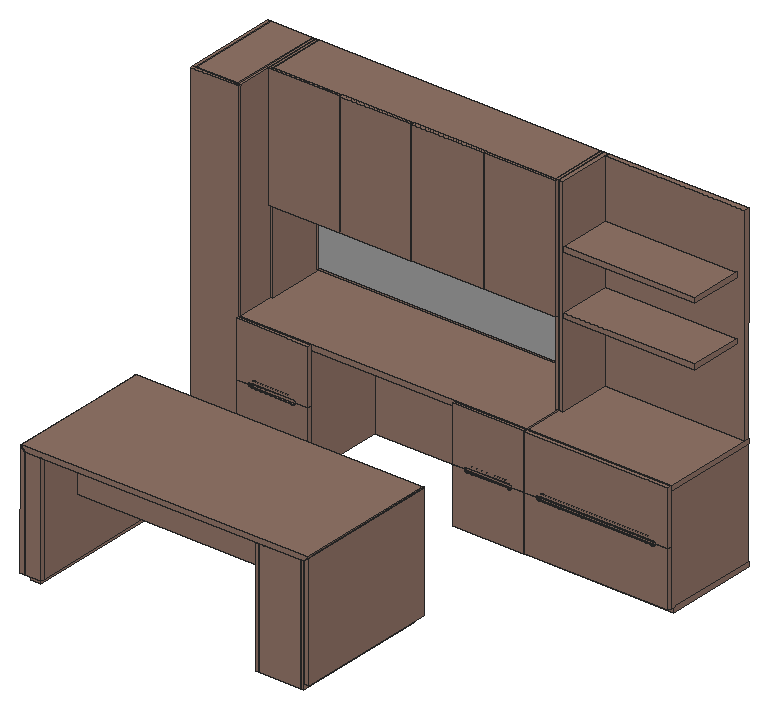
Revit family "OFS TYPICAL S100003", category Furniture, Revit 2022 (continued)
Definition of nested family "OFS SLATE DESKS"
  Definition of nested family "OFS_Slate Private Office_Desks Full Modesty"
    Forms (in)
      Extrusion 24, solid, material <- "Case", visible <- "Type 0"
        sketch origin (-20.71864, -60, 0.45) x (-1, 0, 0) y (0, -1, 0)
          loop
            line (28.34386, -59.25) -> (28.34386, -57.75) -> (26.84386, -57.75) -> (26.84386, -59.25) -> (28.34386, -59.25)
        from 0 to 1.5
      Extrusion 25, solid, material <- "Drawers", visible <- "Type 0"
        sketch origin (-52.8125, -34.55325, 47.24409) x (0, -1, 0) y (0, 0, 1)
          loop
            line (-5.80325, -18.10659) -> (-6.55325, -18.10659) -> (-6.55325, -31.76284) -> (-5.80325, -31.76284) -> (-5.80325, -18.10659)
          loop
            line (-5.80325, -45.5441) -> (-5.80325, -31.88784) -> (-6.55325, -31.88784) -> (-6.55325, -45.5441) -> (-5.80325, -45.5441)
        from -7.4375 to 7.4375
      Sweep 26, solid, material <- "Case", visible <- "Type 0"
        path origin (-20.71864, -60, 0.45) x (-1, 0, 0) y (0, -1, 0)
          loop
            line (38.09386, -60) -> (38.09386, -32.875) -> (26.09386, -32.875) -> (26.09386, -60)
        profile origin (-52.8125, -27.125, 0.45) x (0, 1, 0) y (0, 0, 1)
          loop
            line (0, 0) -> (0.75, 0) -> (0.75, 1.25) -> (0, 1.25) -> (0, 0)
      Extrusion 27, solid, material <- "Case", visible <- "Type 0"
        sketch origin (70.11422, -60, 1.7) x (0, -1, 0) y (-1, 0, 0)
          loop
            line (-60, 128.92672) -> (-60, 128.17672) -> (-32, 128.17672) -> (-32, 128.92672) -> (-60, 128.92672)
          loop
            line (-32, 117.67672) -> (-60, 117.67672) -> (-60, 116.92672) -> (-32, 116.92672) -> (-32, 117.67672)
        from 0 to -27.5
      Extrusion 28, solid, material <- "Back Panel", visible <- "Type 0"
        sketch origin (-20.71864, -60, 0.45) x (-1, 0, 0) y (0, -1, 0)
          loop
            line (38.21886, -61.1875) -> (38.21886, -60) -> (-20.71864, -60) -> (-20.71864, -61.1875) -> (38.21886, -61.1875)
        from 1.25 to 28.875
      Extrusion 29, solid, material <- "Case", visible <- "Type 0"
        sketch origin (-20.71864, -60, 0.45) x (-1, 0, 0) y (0, -1, 0)
          loop
            line (37.34386, -60) -> (37.34386, -59.25) -> (26.84386, -59.25) -> (26.84386, -60) -> (37.34386, -60)
        from 0 to 28.75
      Extrusion 30, solid, material <- "Panel", visible <- "Type 0"
        sketch origin (-4, -34.55325, 47.24409) x (0, -1, 0) y (0, 0, 1)
          loop
            line (-34.55325, -18.04409) -> (-34.55325, -19.2316) -> (-5.74075, -19.2316) -> (-5.74075, -18.04409) -> (-34.55325, -18.04409)
        from 0 to 20
      Extrusion 31, solid, material <- "Panel", visible <- "Type 0"
        sketch origin (-63.76383, -28.8125, 47.24409) x (-1, 0, 0) y (0, 0, 1)
          loop
            line (-3.76383, -45.5441) -> (-3.76383, -17.15837)
            arc (-3.76383, -17.15837) -> (-3.841, -17.04289) -> (-3.97722, -17.06998) r 0.125
            line (-3.97722, -17.06998) -> (-4.95133, -18.04409) -> (-4.95133, -45.5441) -> (-3.76383, -45.5441)
        from 0 to 28.8125
      Extrusion 32, solid, material <- "Panel", visible <- "Type 0"
        sketch origin (-63.76383, -28.8125, 47.24409) x (-1, 0, 0) y (0, 0, 1)
          loop
            line (-63.76383, -18.04409) -> (-4.95133, -18.04409) -> (-3.97722, -17.06998)
            arc (-3.97722, -17.06998) -> (-3.95013, -16.93376) -> (-4.06561, -16.85659) r 0.125
            line (-4.06561, -16.85659) -> (-63.76383, -16.85659) -> (-63.76383, -18.04409)
        from 0 to 28.8125
      Revolve 33, solid, material <- "Glides", visible <- "Type 0"
        sketch origin (-1.6269, -2.95105, 47.24409) x (-1, 0, 0) y (0, 0, 1)
          loop
            line (0.3731, -46.79409) -> (0.3731, -47.24409) -> (0.6231, -47.24409)
            arc (0.6231, -47.24409) -> (0.75079, -47.13447) -> (0.66177, -46.99165) r 0.12918
            line (0.66177, -46.99165) -> (0.6231, -46.99165) -> (0.6231, -46.79409) -> (0.3731, -46.79409)
          axis (0.3731, -46.79409) -> (0.3731, -47.24409)
        angle from 0 to 360
      Revolve 34, solid, material <- "Glides", visible <- "Type 0"
        sketch origin (-3.76383, -25.86145, 47.24409) x (-1, 0, 0) y (0, 0, 1)
          loop
            line (-1.76383, -46.79409) -> (-1.76383, -47.24409) -> (-1.51383, -47.24409)
            arc (-1.51383, -47.24409) -> (-1.38614, -47.13447) -> (-1.47516, -46.99165) r 0.12918
            line (-1.47516, -46.99165) -> (-1.51383, -46.99165) -> (-1.51383, -46.79409) -> (-1.76383, -46.79409)
          axis (-1.76383, -46.79409) -> (-1.76383, -47.24409)
        angle from 0 to 360
      Extrusion 35, solid, material <- "Case", visible <- "Type 0"
        sketch origin (-20.71864, -60, 0.45) x (-1, 0, 0) y (0, -1, 0)
          loop
            line (-16.71864, -59.25) -> (-16.71864, -31.9375) -> (-17.46864, -31.9375) -> (-17.46864, -59.25) -> (-16.71864, -59.25)
          loop
            line (-19.96864, -31.9375) -> (-20.71864, -31.9375) -> (-20.71864, -59.25) -> (-19.96864, -59.25) -> (-19.96864, -31.9375)
        from 0 to 28.75
      Extrusion 36, solid, material <- "Case", visible <- "Type 0"
        sketch origin (-20.71864, -60, 0.45) x (-1, 0, 0) y (0, -1, 0)
          loop
            line (-16.71864, -60) -> (-16.71864, -59.25) -> (-17.46864, -59.25) -> (-17.46864, -31.9375) -> (-16.71864, -31.9375) -> (-16.71864, -31.1875) -> (-20.71864, -31.1875) -> (-20.71864, -31.9375) -> (-19.96864, -31.9375) -> (-19.96864, -59.25) -> (-20.71864, -59.25) -> (-20.71864, -60) -> (-16.71864, -60)
        from 0 to 28.75
      Sweep 37, void
        path origin (63.76383, -28.8125, 47.24409) x (1, 0, 0) y (0, 0, -1)
          loop
            arc (-8.57393, 31.01358) -> (-7.76216, 31.82534) -> (-8.57393, 32.63711) r 0.81176
            line (-8.57393, 32.63711) -> (-13.32874, 32.63711)
            arc (-13.32874, 32.63711) -> (-14.1405, 31.82534) -> (-13.32874, 31.01358) r 0.81176
            line (-13.32874, 31.01358) -> (-8.57393, 31.01358)
        profile origin (52.8125, -28.8125, 16.23051) x (0, 0, 1) y (0, 1, 0)
          loop
            line (-0.74926, 0) -> (-0.24927, 0) -> (-0.24927, 0.11016)
            arc (-0.24927, 0.11016) -> (-0.22929, 0.16818) -> (-0.17782, 0.2016) r 0.09424
            arc (-0.17782, 0.2016) -> (-0.00461, 0.45362) -> (-0.23364, 0.65625) r 0.23075
            line (-0.23364, 0.65625) -> (-0.74926, 0.65625) -> (-0.74926, 0)
      Sweep 38, void
        path origin (-63.76383, -28.8125, 47.24409) x (-1, 0, 0) y (0, 0, 1)
          loop
            line (-7.07393, -31.01358) -> (-14.82874, -31.01358)
            arc (-14.82874, -31.01358) -> (-15.64051, -31.82534) -> (-14.82874, -32.63711) r 0.81176
            line (-14.82874, -32.63711) -> (-7.07393, -32.63711)
            arc (-7.07393, -32.63711) -> (-6.26216, -31.82534) -> (-7.07393, -31.01358) r 0.81176
        profile origin (-52.8125, -28.8125, 16.23051) x (0, 0, -1) y (0, 1, 0)
          loop
            line (0.74926, 0) -> (0.74926, 0.65625) -> (0.23364, 0.65625)
            arc (0.23364, 0.65625) -> (0.00461, 0.45362) -> (0.17782, 0.2016) r 0.23075
            arc (0.17782, 0.2016) -> (0.22929, 0.16818) -> (0.24927, 0.11016) r 0.09424
            line (0.24927, 0.11016) -> (0.24927, 0) -> (0.74926, 0)
      Extrusion 39, solid, material <- "Doors", visible <- "Door"
        sketch origin (52.8125, -34.55325, 47.24409) x (0, -1, 0) y (0, 0, -1)
          loop
            line (-6.55325, 18.10659) -> (-5.80325, 18.10659) -> (-5.80325, 45.5441) -> (-6.55325, 45.5441) -> (-6.55325, 18.10659)
        from -5.9375 to 5.9375
      Extrusion 40, solid, material <- "Doors", visible <- "Door"
        sketch origin (7.1875, -34.55325, 47.24409) x (0, -1, 0) y (0, 0, 1)
          loop
            line (-6.55325, -18.10659) -> (-6.55325, -45.5441) -> (-5.80325, -45.5441) -> (-5.80325, -18.10659) -> (-6.55325, -18.10659)
        from -5.9375 to 5.9375
      Extrusion 41, solid, material <- "Case", visible <- "Type 1"
        sketch origin (-3.76383, -25.86145, 47.24409) x (-1, 0, 0) y (0, 0, 1)
          loop
            line (-6.45133, -46.79409) -> (-6.45133, -45.29409) -> (-15.45133, -45.29409) -> (-15.45133, -46.79409) -> (-6.45133, -46.79409)
          loop
            line (-52.07633, -46.79409) -> (-52.07633, -45.29409) -> (-61.07633, -45.29409) -> (-61.07633, -46.79409) -> (-52.07633, -46.79409)
        from -0.51355 to 0.48645
      Extrusion 42, solid, material <- "Case", visible <- "Type 0"
        sketch origin (-3.76383, -25.86145, 47.24409) x (-1, 0, 0) y (0, 0, 1)
          loop
            line (53.54867, -45.5441) -> (44.54867, -45.5441) -> (44.54867, -46.79409) -> (53.54867, -46.79409) -> (53.54867, -45.5441)
        from -0.51355 to 0.48645
    Cuts and joins
      Sweep 16, Sweep 37, Sweep 38 cuts Extrusion 14
      Sweep 37, Sweep 38 cuts Extrusion 15
      joined: Extrusion 14, Extrusion 15
      joined: Revolve 1, Revolve 2, Revolve 3, Revolve 4, Revolve 5, Revolve 6, Revolve 7, Revolve 8
      joined: Sweep 10, Sweep 11, Extrusion 13
      joined: Sweep 26, Extrusion 27
      Sweep 38 cuts Extrusion 25
    Lines and regions (in)
      Masking region 1, visible <- "Type 1"
        outline origin (70.11422, -60, 30.3875) x (0, -1, 0) y (1, 0, 0)
          loop
            line (-61.1875, -69.05172) -> (-60, -69.05172) -> (-60, -70.11422) -> (-31.1875, -70.11422) -> (-31.1875, -10.11422) -> (-60, -10.11422) -> (-60, -11.17672) -> (-61.1875, -11.17672) -> (-61.1875, -69.05172)
      Masking region 2, visible <- "Type 0"
        outline origin (70.11422, -60, 30.3875) x (0, -1, 0) y (1, 0, 0)
          loop
            line (-61.1875, -129.05172) -> (-60, -129.05172) -> (-60, -130.11422) -> (-31.1875, -130.11422) -> (-31.1875, -70.11422) -> (-61.1875, -70.11422) -> (-61.1875, -129.05172)
      reference lines, visible <- "Type 1"
        curve 1: line (60, -28.8125, 0.45) -> (60, 0, 0.45)
      reference lines, visible <- "Type 0"
        curve 2: line (-60, -28.8125, 0.45) -> (-60, 0, 0.45)
    Dimensions and locks (in)
      "Width": plane 3 "Center (Left/Right)" to plane 4
      equal spacing: plane 3 "Center (Left/Right)", plane 5, plane 4
      plane 7 to plane 6 to plane 1 "Center (Front/Back)" to plane 17 = 0' - 0.62544" locked, 0' - 0 3/4" locked, 0' - 1 3/16" locked
      "Depth": plane 17 to plane 12
      plane 8 to plane 31 to plane 10 to plane 9 to plane 11 to plane 12 = 0' - 0.48645" locked, 0' - 0.51355" locked, 0' - 0 3/4" locked, 0' - 0 7/8" locked, 0' - 0 13/16" locked
      locked: Extrusion 17 sketch curve to plane 3 "Center (Left/Right)" at 0.125
      locked: plane 27 to Extrusion 17 sketch curve at 0.30178  (x2)
      locked: plane 4 to Extrusion 17 sketch curve at 0.125
      locked: Extrusion 18 sketch curve to plane 3 "Center (Left/Right)" at 0.30178
      locked: plane 4 to Extrusion 18 sketch curve at 0.30178
      "Width": plane 42 to plane 3 "Center (Left/Right)"
      locked: plane 42 to Extrusion 32 sketch curve at 0.30178
      locked: plane 43 to plane 3 "Center (Left/Right)" at 4
      locked: Extrusion 36 sketch curve to plane 12 at 0.75
      plane 3 "Center (Left/Right)" to plane 13 to plane 14 to plane 45 to plane 32 = 0' - 1 1/16" locked, 0' - 0 1/8" locked, 0' - 0 1/16" locked, 0' - 0 11/16" locked
      plane 15 to plane 46 to plane 16 = 0' - 0 11/16" locked, 0' - 0 1/16" locked
      "Length": plane 14 to plane 16
      plane 21 to plane 47 to plane 20 = 0' - 0 1/16" locked, 0' - 0 11/16" locked
      plane 34 to plane 48 to plane 19 to plane 18 to plane 4 = 0' - 0 11/16" locked, 0' - 0 1/16" locked, 0' - 0 1/8" locked, 0' - 1 1/16" locked
      "Length": plane 21 to plane 19
      equal spacing: plane 14, plane 33, plane 16
      equal spacing: plane 21, plane 35, plane 19
      Sweep 38 sketch curve to plane 41 to Sweep 38 sketch curve = 0' - 3.87741" locked, 0' - 3.87741" locked
      plane 42 to plane 36 to plane 37 to plane 49 to plane 40 = 0' - 1 1/16" locked, 0' - 0 1/8" locked, 0' - 0 1/16" locked, 0' - 0 11/16" locked
      plane 38 to plane 50 to plane 39 = 0' - 0 11/16" locked, 0' - 0 1/16" locked
      "Length": plane 37 to plane 39
      equal spacing: plane 37, plane 41, plane 39
      locked: Extrusion 41 sketch curve to plane 21 at 1.5
      locked: plane 19 to Extrusion 41 sketch curve at 1.5
      locked: plane 14 to Extrusion 41 sketch curve at 1.5
      locked: Extrusion 41 sketch curve to plane 16 at 1.5
      locked: plane 37 to Extrusion 42 sketch curve at 1.5
      locked: Extrusion 42 sketch curve to plane 39 at 1.5
      locked: plane 13 to Extrusion 17 sketch curve (angle 45.00°)
      locked: Extrusion 17 sketch curve to plane 19 (angle 45.00°)
      aligned and locked: level to plane 2
      aligned and locked: plane 24 to Extrusion 9
      aligned and locked: plane 1 "Center (Front/Back)" to Sweep 10 sketch curve  (x2)
      aligned and locked: plane 14 to Sweep 10 sketch curve
      aligned and locked: Sweep 10 sketch curve to plane 16
      aligned and locked: plane 9 to Sweep 10 sketch curve
      aligned and locked: plane 1 "Center (Front/Back)" to Sweep 11 sketch curve  (x2)
      aligned and locked: plane 21 to Sweep 11 sketch curve
      aligned and locked: Sweep 11 sketch curve to plane 19
      aligned and locked: Sweep 11 sketch curve to plane 9
      aligned and locked: Sweep 10 to Extrusion 12 sketch curve  (x2)
      aligned and locked: Extrusion 12 sketch curve to Extrusion 9  (x4)
      aligned and locked: Extrusion 12 sketch curve to Sweep 11
      aligned and locked: Sweep 11 to Extrusion 12 sketch curve
      aligned and locked: Extrusion 12 to plane 30
      aligned and locked: Extrusion 13 sketch curve to Sweep 10  (x3)
      aligned and locked: plane 11 to Extrusion 13 sketch curve  (x4)
      aligned and locked: Extrusion 13 sketch curve to plane 32
      aligned and locked: Extrusion 12 to Extrusion 13 sketch curve  (x2)
      aligned and locked: Extrusion 13 sketch curve to plane 16
      aligned and locked: Extrusion 13 sketch curve to Sweep 11  (x2)
      aligned and locked: Extrusion 13 sketch curve to plane 20
      aligned and locked: Extrusion 13 sketch curve to Extrusion 12
      aligned and locked: plane 19 to Extrusion 13 sketch curve
      aligned and locked: Extrusion 13 to plane 30
      aligned and locked: plane 29 to Extrusion 14 sketch curve
      aligned and locked: Extrusion 13 to Extrusion 14 sketch curve
      aligned and locked: Extrusion 14 sketch curve to Extrusion 13
      aligned and locked: Extrusion 14 sketch curve to plane 26
      aligned and locked: Extrusion 14 sketch curve to plane 25
      aligned and locked: plane 12 to Masking region 1 sketch curve
      aligned and locked: Masking region 1 sketch curve to plane 4
      aligned and locked: plane 3 "Center (Left/Right)" to Masking region 1 sketch curve
      aligned and locked: Masking region 1 sketch curve to plane 17
      aligned and locked: plane 13 to Masking region 1 sketch curve
      aligned and locked: plane 1 "Center (Front/Back)" to Masking region 1 sketch curve  (x2)
      aligned and locked: plane 18 to Masking region 1 sketch curve
      aligned and locked: Extrusion 17 sketch curve to plane 23  (x2)
      aligned and locked: plane 3 "Center (Left/Right)" to Extrusion 17 sketch curve
      aligned and locked: Extrusion 17 sketch curve to Extrusion 13
      aligned and locked: plane 30 to Extrusion 17 sketch curve  (x2)
      aligned and locked: Extrusion 17 sketch curve to plane 4
      aligned and locked: plane 19 to Extrusion 17 sketch curve
      aligned and locked: plane 30 to Extrusion 18 sketch curve
      aligned and locked: plane 27 to Extrusion 18 sketch curve
      aligned and locked: Extrusion 17 to Extrusion 18 sketch curve
      aligned and locked: plane 14 to Extrusion 18 sketch curve
      aligned and locked: Extrusion 18 sketch curve to Extrusion 17
      aligned and locked: Extrusion 18 to plane 1 "Center (Front/Back)"
      aligned and locked: Extrusion 17 to plane 1 "Center (Front/Back)"
      aligned and locked: Extrusion 19 sketch curve to Masking region 1  (x3)
      aligned and locked: Masking region 1 to Extrusion 19 sketch curve
      aligned and locked: plane 23 to Extrusion 19
      aligned and locked: plane 37 to Sweep 26 sketch curve
      aligned and locked: Extrusion 18 to Sweep 26 sketch curve  (x2)
      aligned and locked: Sweep 26 sketch curve to plane 9
      aligned and locked: Extrusion 27 sketch curve to Sweep 26  (x2)
      aligned and locked: plane 40 to Extrusion 27 sketch curve
      aligned and locked: Extrusion 27 sketch curve to plane 38
      aligned and locked: Extrusion 27 to plane 30
      aligned and locked: plane 36 to Extrusion 28 sketch curve
      aligned and locked: Extrusion 17 to Extrusion 28 sketch curve
      aligned and locked: Extrusion 28 sketch curve to Masking region 1
      aligned and locked: plane 28 to Extrusion 28
      aligned and locked: plane 23 to Extrusion 28
      aligned and locked: Sweep 26 to Extrusion 29 sketch curve
      aligned and locked: Extrusion 29 sketch curve to Extrusion 24
      aligned and locked: Extrusion 29 to plane 30
      aligned and locked: Extrusion 30 sketch curve to Extrusion 17
      aligned and locked: Extrusion 30 sketch curve to Extrusion 12
      aligned and locked: plane 12 to Extrusion 30 sketch curve
      aligned and locked: plane 42 to Extrusion 31 sketch curve
      aligned and locked: Extrusion 31 sketch curve to plane 37
      aligned and locked: plane 1 "Center (Front/Back)" to Extrusion 31
      aligned and locked: Extrusion 31 to plane 12
      aligned and locked: plane 3 "Center (Left/Right)" to Extrusion 32 sketch curve
      aligned and locked: Extrusion 18 to Extrusion 32 sketch curve  (x2)
      aligned and locked: Extrusion 32 to plane 12
      aligned and locked: Extrusion 18 to Extrusion 32
      aligned and locked: Extrusion 35 sketch curve to plane 43
      aligned and locked: plane 3 "Center (Left/Right)" to Extrusion 35 sketch curve
      aligned and locked: plane 12 to Extrusion 36 sketch curve
      aligned and locked: Extrusion 36 sketch curve to plane 3 "Center (Left/Right)"
      aligned and locked: Extrusion 36 sketch curve to plane 43
      aligned and locked: Extrusion 36 sketch curve to Extrusion 36 sketch curve
      aligned and locked: curve 2 to plane 42
      aligned and locked: plane 4 to curve 1
      aligned and locked: Extrusion 36 to plane 30
      aligned and locked: Extrusion 35 to plane 30
      aligned and locked: Masking region 2 sketch curve to plane 3 "Center (Left/Right)"
      aligned and locked: plane 12 to Masking region 2 sketch curve
      aligned and locked: Masking region 2 sketch curve to plane 17
      aligned and locked: Masking region 2 sketch curve to plane 42
      aligned and locked: Masking region 2 sketch curve to plane 1 "Center (Front/Back)"
      aligned and locked: plane 36 to Masking region 2 sketch curve
      aligned and locked: Extrusion 39 sketch curve to cut or joined group of Extrusion 14, Extrusion 15, Sweep 16, Sweep 37, Sweep 38  (x2)
      aligned and locked: plane 47 to Extrusion 39
      aligned and locked: plane 48 to Extrusion 39
      aligned and locked: plane 45 to Extrusion 40
      aligned and locked: plane 46 to Extrusion 40
      aligned and locked: plane 47 to Extrusion 15
      aligned and locked: plane 48 to Extrusion 15
      aligned and locked: plane 45 to Extrusion 14
      aligned and locked: plane 46 to Extrusion 14
      aligned and locked: Extrusion 41 to plane 10
      aligned and locked: plane 8 to Extrusion 41
      aligned and locked: Extrusion 42 sketch curve to plane 23
      aligned and locked: plane 22 to Extrusion 42 sketch curve
      aligned and locked: plane 8 to Extrusion 42
      aligned and locked: Extrusion 42 to plane 10
    Automatic sketch dimensions
      Revolve 1 sketch curve to plane 22 = 0' - 0"
      Revolve 1 sketch curve to level = 0' - 0"  (x2)
      Revolve 1 sketch curve to plane 22 = 0' - 0.19756"
      Revolve 1 sketch curve to plane 32 = 0' - 0.35223"
      Revolve 1 sketch curve to Revolve 1 sketch curve = 0' - 0.03868"
      Revolve 1 sketch curve to Revolve 1 sketch curve = 0' - 0"  (x2)
      Revolve 1 sketch curve to Revolve 1 sketch curve = 0' - 0 1/4"
      Revolve 1 sketch curve to level = 0' - 0.086"
      Revolve 2 sketch curve to plane 22 = 0' - 0"
      Revolve 2 sketch curve to level = 0' - 0"  (x2)
      Revolve 2 sketch curve to plane 22 = 0' - 0.19756"
      Revolve 2 sketch curve to plane 15 = 0' - 0.92958"
      Revolve 2 sketch curve to Revolve 2 sketch curve = 0' - 0.03868"
      Revolve 2 sketch curve to Revolve 2 sketch curve = 0' - 0"  (x2)
      Revolve 2 sketch curve to Revolve 2 sketch curve = 0' - 0 1/4"
      Revolve 2 sketch curve to level = 0' - 0.086"
      Revolve 3 sketch curve to plane 22 = 0' - 0"
      Revolve 3 sketch curve to level = 0' - 0"  (x2)
      Revolve 3 sketch curve to plane 32 = 0' - 1.74075"
      Revolve 3 sketch curve to plane 22 = 0' - 0.19756"
      Revolve 3 sketch curve to Revolve 3 sketch curve = 0' - 0 1/4"  (x2)
      Revolve 3 sketch curve to Revolve 3 sketch curve = 0' - 0.03868"
      Revolve 3 sketch curve to Revolve 3 sketch curve = 0' - 0"
      Revolve 3 sketch curve to level = 0' - 0.086"
      Revolve 4 sketch curve to plane 22 = 0' - 0"
      Revolve 4 sketch curve to level = 0' - 0"  (x2)
      Revolve 4 sketch curve to plane 15 = 0' - 1.76198"
      Revolve 4 sketch curve to plane 22 = 0' - 0.19756"
      Revolve 4 sketch curve to Revolve 4 sketch curve = 0' - 0 1/4"  (x2)
      Revolve 4 sketch curve to Revolve 4 sketch curve = 0' - 0.03868"
      Revolve 4 sketch curve to Revolve 4 sketch curve = 0' - 0"
      Revolve 4 sketch curve to level = 0' - 0.086"
      Revolve 5 sketch curve to plane 22 = 0' - 0"
      Revolve 5 sketch curve to level = 0' - 0"  (x2)
      Revolve 5 sketch curve to plane 34 = 0' - 0.6409"
      Revolve 5 sketch curve to plane 22 = 0' - 0.19756"
      Revolve 5 sketch curve to Revolve 5 sketch curve = 0' - 0 1/4"  (x2)
      Revolve 5 sketch curve to Revolve 5 sketch curve = 0' - 0.03868"
      Revolve 5 sketch curve to Revolve 5 sketch curve = 0' - 0"
      Revolve 5 sketch curve to Revolve 5 sketch curve = 0' - 0.086"
      Revolve 6 sketch curve to plane 22 = 0' - 0"
      Revolve 6 sketch curve to level = 0' - 0"  (x2)
      Revolve 6 sketch curve to plane 20 = 0' - 0.6409"
      Revolve 6 sketch curve to plane 22 = 0' - 0.19756"
      Revolve 6 sketch curve to Revolve 6 sketch curve = 0' - 0 1/4"  (x2)
      Revolve 6 sketch curve to Revolve 6 sketch curve = 0' - 0.03868"
      Revolve 6 sketch curve to Revolve 6 sketch curve = 0' - 0"
      Revolve 6 sketch curve to Revolve 6 sketch curve = 0' - 0.086"
      Revolve 7 sketch curve to plane 22 = 0' - 0"
      Revolve 7 sketch curve to level = 0' - 0"  (x2)
      Revolve 7 sketch curve to plane 22 = 0' - 0.19756"
      Revolve 7 sketch curve to plane 34 = 0' - 1.45207"
      Revolve 7 sketch curve to Revolve 7 sketch curve = 0' - 0.03868"
      Revolve 7 sketch curve to Revolve 7 sketch curve = 0' - 0"  (x2)
      Revolve 7 sketch curve to Revolve 7 sketch curve = 0' - 0 1/4"
      Revolve 7 sketch curve to Revolve 7 sketch curve = 0' - 0.086"
      Revolve 8 sketch curve to plane 22 = 0' - 0"
      Revolve 8 sketch curve to level = 0' - 0"  (x2)
      Revolve 8 sketch curve to plane 22 = 0' - 0.19756"
      Revolve 8 sketch curve to plane 20 = 0' - 2.05065"
      Revolve 8 sketch curve to Revolve 8 sketch curve = 0' - 0.03868"
      Revolve 8 sketch curve to Revolve 8 sketch curve = 0' - 0"  (x2)
      Revolve 8 sketch curve to Revolve 8 sketch curve = 0' - 0 1/4"
      Revolve 8 sketch curve to Revolve 8 sketch curve = 0' - 0.086"
      Extrusion 9 sketch curve to plane 34 = 0' - 0"
      Extrusion 9 sketch curve to plane 6 = 0' - 0"  (x4)
      Extrusion 9 sketch curve to plane 20 = 0' - 0"
      Extrusion 9 sketch curve to plane 15 = 0' - 0"
      Extrusion 9 sketch curve to plane 32 = 0' - 0"
      plane 44 to Extrusion 9 sketch curve = 0' - 0.70105"  (x4)
      Extrusion 9 sketch curve to Extrusion 9 sketch curve = 0' - 1 1/2"  (x4)
      Sweep 10 sketch curve to profile plane = 0' - 0"
      Sweep 10 sketch curve to plane 22 = 0' - 0"
      Sweep 10 sketch curve to profile plane = 0' - 0 3/4"
      plane 22 to Sweep 10 sketch curve = 0' - 1 1/4"
      Sweep 11 sketch curve to plane 22 = 0' - 0"
      Sweep 11 sketch curve to profile plane = 0' - 0"
      profile plane to Sweep 11 sketch curve = 0' - 0 3/4"
      Sweep 11 sketch curve to Sweep 11 sketch curve = 0' - 1 1/4"
      Extrusion 14 sketch curve to plane 11 = 0' - 0"
      plane 12 to Extrusion 14 sketch curve = 0' - 0 1/16"  (x2)
      Extrusion 15 sketch curve to plane 11 = 0' - 0"  (x2)
      Extrusion 15 sketch curve to plane 26 = 0' - 0"
      plane 25 to Extrusion 15 sketch curve = 0' - 0"
      plane 23 to Extrusion 15 sketch curve = 0' - 0"
      Extrusion 15 sketch curve to plane 29 = 0' - 0"
      Extrusion 15 sketch curve to plane 12 = 0' - 0 1/16"  (x2)
      plane 26 to Sweep 16 sketch curve = 0' - 0.74926"
      Sweep 16 sketch curve to plane 15 = 0' - 2.87259"
      Sweep 16 sketch curve to plane 32 = 0' - 2.87259"
      Sweep 16 sketch curve to plane 25 = 0' - 0 1/16"
      Sweep 16 sketch curve to plane 12 = 0' - 0"
      Sweep 16 sketch curve to profile plane = 0' - 0.15503"
      Sweep 16 sketch curve to profile plane = 0' - 0.23364"
      Sweep 16 sketch curve to Sweep 16 sketch curve = 0' - 0.09424"
      Sweep 16 sketch curve to Sweep 16 sketch curve = 0' - 0 33/64"
      plane 12 to Sweep 16 sketch curve = 0' - 0.11016"
      Sweep 16 sketch curve to Sweep 16 sketch curve = 0' - 0.31534"
      Sweep 16 sketch curve to Sweep 16 sketch curve = 0' - 0.23075"
      plane 27 to Extrusion 17 sketch curve = 0' - 0.21339"  (x2)
      plane 27 to Extrusion 18 sketch curve = 0' - 0.21339"  (x2)
      Revolve 20 sketch curve to plane 22 = 0' - 0"
      Revolve 20 sketch curve to level = 0' - 0"  (x2)
      Revolve 20 sketch curve to plane 22 = 0' - 0.19756"
      Revolve 20 sketch curve to plane 40 = 0' - 0.35223"
      Revolve 20 sketch curve to Revolve 20 sketch curve = 0' - 0.03868"
      Revolve 20 sketch curve to Revolve 20 sketch curve = 0' - 0"  (x2)
      Revolve 20 sketch curve to Revolve 20 sketch curve = 0' - 0 1/4"
      Revolve 20 sketch curve to level = 0' - 0.086"
      Revolve 21 sketch curve to plane 22 = 0' - 0"
      Revolve 21 sketch curve to level = 0' - 0"  (x2)
      Revolve 21 sketch curve to plane 38 = 0' - 0.6409"
      Revolve 21 sketch curve to plane 22 = 0' - 0.19756"
      Revolve 21 sketch curve to Revolve 21 sketch curve = 0' - 0 1/4"  (x2)
      Revolve 21 sketch curve to Revolve 21 sketch curve = 0' - 0.03868"
      Revolve 21 sketch curve to Revolve 21 sketch curve = 0' - 0"
      Revolve 21 sketch curve to Revolve 21 sketch curve = 0' - 0.086"
      Revolve 22 sketch curve to plane 22 = 0' - 0"
      Revolve 22 sketch curve to level = 0' - 0"  (x2)
      Revolve 22 sketch curve to plane 40 = 0' - 1.74331"
      Revolve 22 sketch curve to plane 22 = 0' - 0.19756"
      Revolve 22 sketch curve to Revolve 22 sketch curve = 0' - 0 1/4"  (x2)
      Revolve 22 sketch curve to Revolve 22 sketch curve = 0' - 0.03868"
      Revolve 22 sketch curve to Revolve 22 sketch curve = 0' - 0"
      Revolve 22 sketch curve to level = 0' - 0.086"
      Revolve 23 sketch curve to plane 22 = 0' - 0"
      Revolve 23 sketch curve to level = 0' - 0"  (x2)
      Revolve 23 sketch curve to plane 22 = 0' - 0.19756"
      Revolve 23 sketch curve to plane 38 = 0' - 1.46678"
      Revolve 23 sketch curve to Revolve 23 sketch curve = 0' - 0.03868"
      Revolve 23 sketch curve to Revolve 23 sketch curve = 0' - 0"  (x2)
      Revolve 23 sketch curve to Revolve 23 sketch curve = 0' - 0 1/4"
      Revolve 23 sketch curve to Revolve 23 sketch curve = 0' - 0.086"
      Extrusion 24 sketch curve to plane 6 = 0' - 0"  (x2)
      Extrusion 24 sketch curve to plane 38 = 0' - 0"
      Extrusion 24 sketch curve to plane 40 = 0' - 0"
      plane 44 to Extrusion 24 sketch curve = 0' - 0.70105"  (x2)
      Extrusion 24 sketch curve to Extrusion 24 sketch curve = 0' - 1 1/2"
      Extrusion 24 sketch curve to plane 40 = 0' - 1 1/2"
      Extrusion 25 sketch curve to plane 11 = 0' - 0"  (x2)
      Extrusion 25 sketch curve to plane 26 = 0' - 0"
      plane 25 to Extrusion 25 sketch curve = 0' - 0"
      plane 23 to Extrusion 25 sketch curve = 0' - 0"
      Extrusion 25 sketch curve to plane 29 = 0' - 0"
      plane 12 to Extrusion 25 sketch curve = 0' - 0 1/16"  (x2)
      Sweep 26 sketch curve to plane 39 = 0' - 0"
      Sweep 26 sketch curve to profile plane = 0' - 0"
      Sweep 26 sketch curve to plane 22 = 0' - 0"
      Sweep 26 sketch curve to profile plane = 0' - 0 3/4"
      Sweep 26 sketch curve to Sweep 26 sketch curve = 0' - 1 1/4"
      Extrusion 27 sketch curve to plane 1 "Center (Front/Back)" = 0' - 0"  (x2)
      Extrusion 27 sketch curve to plane 11 = 0' - 0"  (x2)
      Extrusion 28 sketch curve to plane 17 = 0' - 0"
      Extrusion 29 sketch curve to plane 1 "Center (Front/Back)" = 0' - 0"
      Extrusion 29 sketch curve to plane 6 = 0' - 0"
      Extrusion 30 sketch curve to plane 29 = 0' - 1 1/8"
      Extrusion 31 sketch curve to plane 23 = 0' - 0"
      Extrusion 31 sketch curve to plane 42 = 0' - 0.21339"
      Extrusion 31 sketch curve to Extrusion 31 sketch curve = 0' - 0 1/8"
      Extrusion 31 sketch curve to plane 30 = 0' - 0"
      plane 27 to Extrusion 31 sketch curve = 0' - 0.30178"
      Extrusion 32 sketch curve to plane 37 = 0' - 0"
      Extrusion 32 sketch curve to Extrusion 32 sketch curve = 0' - 0.08839"
      plane 27 to Extrusion 32 sketch curve = 0' - 0.21339"
      Revolve 33 sketch curve to plane 22 = 0' - 0"
      Revolve 33 sketch curve to level = 0' - 0"  (x2)
      Revolve 33 sketch curve to plane 3 "Center (Left/Right)" = 0' - 2"
      Revolve 33 sketch curve to plane 22 = 0' - 0.19756"
      Revolve 33 sketch curve to Revolve 33 sketch curve = 0' - 0 1/4"  (x2)
      Revolve 33 sketch curve to Revolve 33 sketch curve = 0' - 0.03868"
      Revolve 33 sketch curve to Revolve 33 sketch curve = 0' - 0"
      Revolve 33 sketch curve to level = 0' - 0.086"
      Revolve 34 sketch curve to plane 22 = 0' - 0"
      Revolve 34 sketch curve to level = 0' - 0"  (x2)
      Revolve 34 sketch curve to plane 3 "Center (Left/Right)" = 0' - 2"
      Revolve 34 sketch curve to plane 22 = 0' - 0.19756"
      Revolve 34 sketch curve to Revolve 34 sketch curve = 0' - 0 1/4"  (x2)
      Revolve 34 sketch curve to Revolve 34 sketch curve = 0' - 0.03868"
      Revolve 34 sketch curve to Revolve 34 sketch curve = 0' - 0"
      Revolve 34 sketch curve to level = 0' - 0.086"
      Extrusion 35 sketch curve to plane 6 = 0' - 0"  (x2)
      Extrusion 35 sketch curve to Extrusion 35 sketch curve = 0' - 0 3/4"  (x2)
      plane 11 to Extrusion 35 sketch curve = 0' - 0 1/16"  (x2)
      plane 1 "Center (Front/Back)" to Extrusion 36 sketch curve = 0' - 0"
      Extrusion 36 sketch curve to plane 3 "Center (Left/Right)" = 0' - 0"
      Extrusion 36 sketch curve to plane 6 = 0' - 0"  (x2)
      Extrusion 36 sketch curve to plane 43 = 0' - 0"
      Extrusion 36 sketch curve to Extrusion 36 sketch curve = 0' - 0 3/4"
      Extrusion 36 sketch curve to plane 43 = 0' - 0 3/4"
      plane 1 "Center (Front/Back)" to curve 1 = 0' - 0"
      curve 2 to plane 1 "Center (Front/Back)" = 0' - 0"
      curve 2 to plane 12 = 0' - 0"
      curve 1 to plane 12 = 0' - 0"
      plane 26 to Sweep 37 sketch curve = 0' - 0.74926"
      Sweep 37 sketch curve to plane 20 = 0' - 2.87259"
      Sweep 37 sketch curve to plane 34 = 0' - 2.87259"
      Sweep 37 sketch curve to plane 25 = 0' - 0 1/16"
      Sweep 37 sketch curve to plane 12 = 0' - 0"
      profile plane to Sweep 37 sketch curve = 0' - 0.74926"
      profile plane to Sweep 37 sketch curve = 0' - 0.24927"
      profile plane to Sweep 37 sketch curve = 0' - 0.23364"
      Sweep 37 sketch curve to Sweep 37 sketch curve = 0' - 0.09424"
      Sweep 37 sketch curve to Sweep 37 sketch curve = 0' - 0.11016"
      Sweep 37 sketch curve to Sweep 37 sketch curve = 0' - 0.31534"
      Sweep 37 sketch curve to Sweep 37 sketch curve = 0' - 0.23075"
      plane 25 to Sweep 38 sketch curve = 0' - 0.74926"
      Sweep 38 sketch curve to plane 25 = 0' - 0 1/16"
      Sweep 38 sketch curve to plane 12 = 0' - 0"
      Sweep 38 sketch curve to profile plane = 0' - 0.15503"
      Sweep 38 sketch curve to profile plane = 0' - 0.23364"
      Sweep 38 sketch curve to Sweep 38 sketch curve = 0' - 0.09424"
      Sweep 38 sketch curve to Sweep 38 sketch curve = 0' - 0 33/64"
      plane 12 to Sweep 38 sketch curve = 0' - 0.11016"
      Sweep 38 sketch curve to Sweep 38 sketch curve = 0' - 0.31534"
      Sweep 38 sketch curve to Sweep 38 sketch curve = 0' - 0.23075"
      Extrusion 39 sketch curve to plane 11 = 0' - 0"
      Extrusion 39 sketch curve to plane 12 = 0' - 0 1/16"
      Extrusion 40 sketch curve to plane 11 = 0' - 0"
      plane 23 to Extrusion 40 sketch curve = 0' - 0"
      Extrusion 40 sketch curve to plane 29 = 0' - 0"
      plane 12 to Extrusion 40 sketch curve = 0' - 0 1/16"
      Extrusion 41 sketch curve to plane 22 = 0' - 0"  (x2)
      Extrusion 41 sketch curve to plane 24 = 0' - 0"  (x2)
